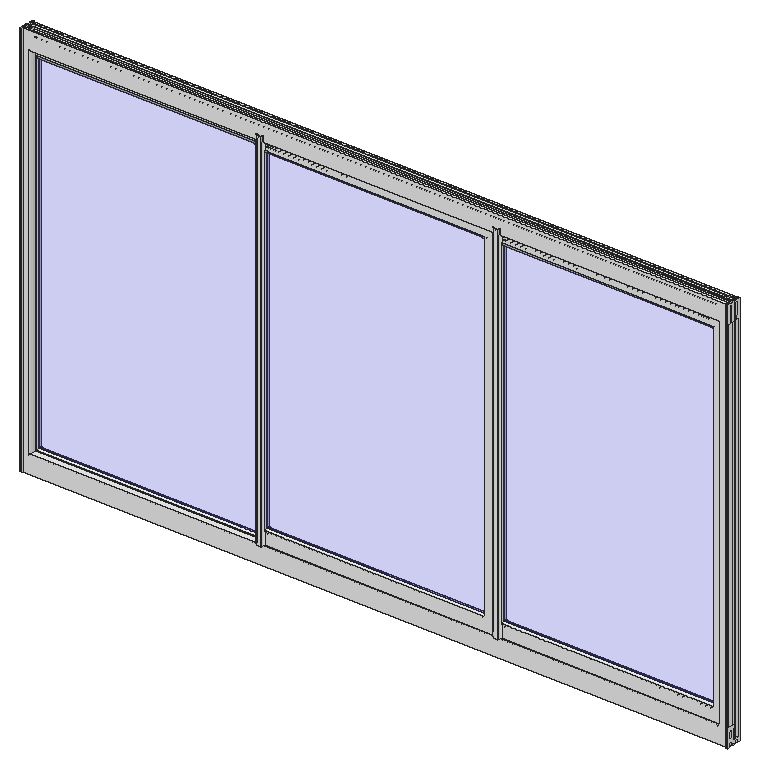
Revit family "DAL_A3-AGI-Sliding-Patio-Door-With-Side-Lights-3560mm", category Doors, host Wall, Revit 2016
Family settings
  Host = Wall
  Always vertical = Yes
  Cut with Voids When Loaded = No
  Shared = No
  Room Calculation Point = No
Parameters (values of type "AGI sliding patio door with side lights 3560mm")
  URL = "http://www.agi.co.za/patioDoor1.htm"
  Panel 2 Width = (Width / 3)  # 1186.667 mm
  Panel 2 Hieght = Height - 89 mm  # 1911 mm
  Panel 1 Width = (Width / 3) - 10 mm  # 1176.667 mm
  Panel 1 Hieght = Height - 154 mm  # 1846 mm
  Manufacturer = "AGI"
  Function = Interior
  Frame material = none
  Frame Projection Ext. = 25 mm
  Frame Projection Int. = 25 mm
  Frame Width = 75 mm
  Height = 2000 mm
  Wall Closure = By host
  Width = 3560 mm
Reference planes
  plane 1 "Centre(Exterior/Interior)": y = 0
  plane 2 "Center (Left/Right)": x = -250
  plane 3 "Left": x = -1436.667
  plane 4 "Right": x = 2123.333
  plane 5 "Top": z = 2000
  plane 6 "Exterior": y = 75
  plane 7 "Interior": y = -75
  plane 8: z = 25
  plane 9 "Panel top": z = 1936.037
  plane 10: x = -1426.667
  plane 11: x = 2113.333
  plane 12: z = 90
  plane 13: x = 936.667
Forms (mm)
  Sweep 1, solid, material <- "Frame material", detail levels medium+fine
    path origin (0, 0, 0) x (1, 0, 0) y (0, 0, 1)
      loop
        line (2123.333, 0) -> (-1436.667, 0)
    profile "AGI SLIDING PATIO Base frame profile : AGI SLIDING PATIO Base frame profile" origin (343.333, 0, 0) x (0, 0, -1) y (0, -1, 0)
      loop
        line (-90, 32.5) -> (-90, -2.5) -> (-73.55, -2.5) -> (-73.55, 2.5) -> (-86, 2.5) -> (-86, 4.847) -> (-23.5, 4.847) -> (-23.5, -1) -> (-12.362, -1) -> (-12.362, 1) -> (-21, 1) -> (-21, 21.5) -> (-33.87, 21.5) -> (-33.87, 19) -> (-23.5, 19) -> (-23.5, 7.347) -> (-86, 7.347) -> (-86, 19) -> (-73.55, 19) -> (-65.757, 26.793) -> (-69.293, 26.793) -> (-74.586, 21.5) -> (-86, 21.5) -> (-86, 32.5) -> (-90, 32.5)
      loop
        line (-2, 22.5) -> (0, 22.5) -> (0, 32.5) -> (-85, 32.5) -> (-85, 22.5) -> (-75, 22.5) -> (-70, 27.5) -> (-20, 27.5) -> (-20, 3.847) -> (-18.194, 3.847)
        arc (-18.194, 3.847) -> (-10, 0) -> (-18.194, -3.847) r 5
        line (-18.194, -3.847) -> (-20, -3.847) -> (-19.131, -17.639) -> (-25, -17.639) -> (-25, -19.673) -> (-19.003, -19.673) -> (-18.352, -30) -> (-2, -30) -> (-2, -32.5) -> (0, -32.5) -> (0, -25) -> (-13.657, -25) -> (-14.603, -9.992)
        arc (-14.603, -9.992) -> (-8.146, -7.281) -> (-5.05, -1) r 10
        line (-5.05, -1) -> (0, -1) -> (0, 1) -> (-5.05, 1)
        arc (-5.05, 1) -> (-8.292, 7.416) -> (-15, 10) r 10
        line (-15, 10) -> (-15, 27.5) -> (-2, 27.5) -> (-2, 22.5)
  Sweep 2, solid, material <- "Frame material", detail levels medium+fine
    path origin (0, 0, 0) x (1, 0, 0) y (0, 0, 1)
      loop
        line (2123.333, 2000) -> (2123.333, 0)
    profile "AGI SLIDING PATIO side frame profile : AGI SLIDING PATIO side frame profile" origin (2123.333, 0, 1000) x (1, 0, 0) y (0, -1, 0)
      loop
        line (-10, -32.5) -> (-10, -37.5) -> (0, -37.5) -> (0, -32.5) -> (-2, -32.5) -> (-2, -35.5) -> (-5, -35.5) -> (-5, -11.015) -> (-2, -11.015) -> (-2, -6.015) -> (-5, -6.015) -> (-5, -2.5) -> (-2, -2.5) -> (-2, 2.5) -> (-5, 2.5) -> (-5, 35.5) -> (-2, 35.5) -> (-2, 32.5) -> (0, 32.5) -> (0, 37.5) -> (-10, 37.5) -> (-10, 32.5) -> (-40, 32.5) -> (-40, 27.5) -> (-10, 27.5) -> (-10, 2) -> (-8, 2) -> (-8, -2) -> (-10, -2) -> (-10, -27.5) -> (-37.71, -27.5) -> (-37.71, -26.5) -> (-11, -26.5) -> (-11, -24.5) -> (-36.319, -24.5)
        arc (-36.319, -24.5) -> (-38.09, -14) -> (-36.319, -3.5) r 32.018
        line (-36.319, -3.5) -> (-30.069, -3.5) -> (-30.069, -1) -> (-9, -1) -> (-9, 1) -> (-40, 1)
        arc (-40, 1) -> (-42.935, -15.75) -> (-40, -32.5) r 49.268
        line (-40, -32.5) -> (-10, -32.5)
  Sweep 3, solid, material <- "Frame material", detail levels medium+fine
    path origin (0, 0, 0) x (1, 0, 0) y (0, 0, 1)
      loop
        line (-1436.667, 2000) -> (2123.333, 2000)
    profile "AGI SLIDING PATIO Top frame profile : AGI SLIDING PATIO Top frame profile" origin (343.333, 0, 2000) x (0, 0, 1) y (0, -1, 0)
      loop
        line (0, 1.5) -> (-5, 1.5) -> (-5, 27.5) -> (-2, 27.5) -> (-2, 22.5) -> (0, 22.5) -> (0, 32.5) -> (-90, 32.5) -> (-90, 22.5) -> (-75, 22.5) -> (-75, 27.5) -> (-10, 27.5) -> (-10, 1.5) -> (-27.652, 1.5)
        arc (-27.652, 1.5) -> (-28.663, 4.011) -> (-30.5, 6) r 7.5
        line (-30.5, 6) -> (-27.08, 6) -> (-27.08, 2.18) -> (-11, 8) -> (-88, 8) -> (-88, 19.5) -> (-11, 19.5) -> (-27.08, 26.5) -> (-27.08, 21.5) -> (-90, 21.5) -> (-90, 6) -> (-39.5, 6)
        arc (-39.5, 6) -> (-41.337, 4.011) -> (-42.348, 1.5) r 7.5
        line (-42.348, 1.5) -> (-75, 1.5) -> (-75, 5) -> (-90, 5) -> (-90, -5) -> (-75, -5) -> (-75, -1.5) -> (-42.348, -1.5)
        arc (-42.348, -1.5) -> (-41.321, -4.036) -> (-39.453, -6.035) r 7.5
        line (-39.453, -6.035) -> (-36.781, -2.414)
        arc (-36.781, -2.414) -> (-35, 3) -> (-33.219, -2.414) r 3
        line (-33.219, -2.414) -> (-30.547, -6.035)
        arc (-30.547, -6.035) -> (-28.679, -4.036) -> (-27.652, -1.5) r 7.5
        line (-27.652, -1.5) -> (-10, -1.5) -> (-10, -27.5) -> (-75, -27.5) -> (-75, -22.5) -> (-90, -22.5) -> (-90, -32.5) -> (0, -32.5) -> (0, -22.5) -> (-2, -22.5) -> (-2, -27.5) -> (-5, -27.5) -> (-5, -1.5) -> (0, -1.5) -> (0, 1.5)
  Sweep 4, solid, material <- "Frame material", detail levels medium+fine
    path origin (0, 0, 0) x (1, 0, 0) y (0, 0, 1)
      loop
        line (-1436.667, 2000) -> (-1436.667, 0)
    profile "AGI SLIDING PATIO side frame profile : AGI SLIDING PATIO side frame profile" origin (-1436.667, 0, 1000) x (1, 0, 0) y (0, -1, 0)
      loop
        line (10, 32.5) -> (10, 37.5) -> (0, 37.5) -> (0, 32.5) -> (2, 32.5) -> (2, 35.5) -> (5, 35.5) -> (5, 11.015) -> (2, 11.015) -> (2, 6.015) -> (5, 6.015) -> (5, 2.5) -> (2, 2.5) -> (2, -2.5) -> (5, -2.5) -> (5, -35.5) -> (2, -35.5) -> (2, -32.5) -> (0, -32.5) -> (0, -37.5) -> (10, -37.5) -> (10, -32.5) -> (40, -32.5) -> (40, -27.5) -> (10, -27.5) -> (10, -2) -> (8, -2) -> (8, 2) -> (10, 2) -> (10, 27.5) -> (37.71, 27.5) -> (37.71, 26.5) -> (11, 26.5) -> (11, 24.5) -> (36.319, 24.5)
        arc (36.319, 24.5) -> (38.09, 14) -> (36.319, 3.5) r 32.018
        line (36.319, 3.5) -> (30.069, 3.5) -> (30.069, 1) -> (9, 1) -> (9, -1) -> (40, -1)
        arc (40, -1) -> (42.935, 15.75) -> (40, 32.5) r 49.268
        line (40, 32.5) -> (10, 32.5)
Cuts and joins
  joined: Sweep 1, Sweep 2, Sweep 3, Sweep 4
Lines and regions (mm)
  Opening 1
    outline origin (-3050, -75, 0) x (1, 0, 0) y (0, 0, 1)
      loop
        line (1613.333, 0) -> (5173.333, 0) -> (5173.333, 2000) -> (1613.333, 2000) -> (1613.333, 0)
  symbolic lines, style "Elevation Swing"
    curve 1: line (206.116, 12.619, 0) -> (101.116, 12.619, 0)
    curve 2: line (101.116, 12.619, 0) -> (115.258, -1.523, 0)
    curve 3: line (101.116, 12.619, 0) -> (115.258, 26.761, 0)
    curve 14: line (1486.116, 12.619, 0) -> (1381.116, 12.619, 0)
    curve 15: line (1381.116, 12.619, 0) -> (1395.258, -1.523, 0)
    curve 16: line (1381.116, 12.619, 0) -> (1395.258, 26.761, 0)
  symbolic lines, style "Overhead line", detail levels coarse
    curve 4: line (-1436.667, 75, 0) -> (2123.333, 75, 0)
    curve 5: line (2123.333, -75, 0) -> (-1436.667, -75, 0)
  symbolic lines, style "DoorsPanelProjection", detail levels coarse
    curve 6: line (-1436.667, 17, 0) -> (-250, 17, 0)
    curve 7: line (298.333, 0, 1013) -> (178.333, 0, 1013)
    curve 8: line (178.333, 0, 1013) -> (192.475, 0, 1027.142)
    curve 9: line (178.333, 0, 1013) -> (192.475, 0, 998.858)
    curve 10: line (1485, 0, 1013) -> (1365, 0, 1013)
    curve 11: line (1365, 0, 1013) -> (1379.142, 0, 1027.142)
    curve 12: line (1365, 0, 1013) -> (1379.142, 0, 998.858)
    curve 13: line (2123.333, -14.5, 0) -> (-250, -14.5, 0)
Text (mm)
  text "Exterior" at (-2295.016, 1099.543, 0), in view "Ref. Level"
  text "Exterior" at (0, 1615.38, 3698.081), in view "Left"
  text "Exterior" at (0, 1036.032, 3874.932), in view "Right"
Dimensions and locks
  equal spacing: plane 3 "Left", plane 2 "Center (Left/Right)", plane 13, plane 4 "Right"
  "Width": plane 3 "Left" to plane 4 "Right"
  "Height": plane 5 "Top" to host wall
  host wall to plane 5 "Top" = 2000 mm  (x2)
  locked: plane 6 "Exterior" to host wall at 0
  locked: plane 7 "Interior" to host wall
  locked: level to plane 8 at 25
  locked: plane 3 "Left" to plane 10 at 10
  locked: plane 11 to plane 4 "Right" at 10
  locked: level to plane 12 at 90
  aligned and locked: plane 3 "Left" to Opening 1 sketch curve
  aligned and locked: plane 5 "Top" to Opening 1 sketch curve  (x2)
  aligned and locked: Opening 1 sketch curve to plane 4 "Right"
  aligned and locked: Opening 1 sketch curve to level
  aligned and locked: plane 1 "Centre(Exterior/Interior)" to host wall
  aligned and locked: level to Sweep 1 sketch curve
  aligned and locked: plane 4 "Right" to Sweep 1 sketch curve
  aligned and locked: plane 3 "Left" to Sweep 1 sketch curve
  aligned and locked: plane 4 "Right" to Sweep 2 sketch curve
  aligned and locked: plane 5 "Top" to Sweep 2 sketch curve
  aligned and locked: level to Sweep 2 sketch curve
  aligned and locked: plane 5 "Top" to Sweep 3 sketch curve
  aligned and locked: plane 4 "Right" to Sweep 3 sketch curve
  aligned and locked: plane 3 "Left" to Sweep 3 sketch curve
  aligned and locked: plane 3 "Left" to Sweep 4 sketch curve
  aligned and locked: plane 5 "Top" to Sweep 4 sketch curve
  aligned and locked: level to Sweep 4 sketch curve
  aligned and locked: nested 1 to plane 8
  aligned and locked: plane 3 "Left" to curve 4
  aligned and locked: plane 4 "Right" to curve 4
  aligned and locked: plane 4 "Right" to curve 5
  aligned and locked: curve 5 to plane 7 "Interior"
  aligned and locked: plane 6 "Exterior" to curve 4
  aligned and locked: plane 2 "Center (Left/Right)" to curve 6
  aligned and locked: plane 3 "Left" to curve 6
  aligned and locked: plane 12 to nested 3
  aligned and locked: plane 13 to nested 3
  aligned and locked: nested 3 to nested 2
  aligned and locked: plane 11 to nested 2
  aligned and locked: nested 1 to plane 10
  aligned and locked: nested 2 to cut or joined group of Sweep 1, Sweep 2, Sweep 3, Sweep 4
  aligned and locked: cut or joined group of Sweep 1, Sweep 2, Sweep 3, Sweep 4 to nested 1
  aligned and locked: plane 2 "Center (Left/Right)" to curve 13
  aligned and locked: plane 4 "Right" to curve 13
  aligned and locked: curve 13 to nested 2
Automatic sketch dimensions
  plane 2 "Center (Left/Right)" to curve 7 = 428.333 mm
  curve 7 to curve 8 = 14.142 mm
  curve 7 to curve 9 = 14.142 mm
  curve 8 to curve 7 = 105.858 mm
  plane 13 to curve 10 = 428.333 mm
  curve 12 to curve 11 = 14.142 mm
  curve 12 to curve 12 = 14.142 mm  (x2)
  curve 11 to curve 10 = 105.858 mm
  curve 9 to plane 12 = 908.858 mm
  curve 12 to curve 9 = 0 mm
  curve 9 to curve 8 = 14.142 mm
  curve 5 to plane 3 "Left" = 0 mm
  curve 1 to host wall = 12.619 mm
  plane 2 "Center (Left/Right)" to curve 1 = 351.116 mm
  curve 3 to host wall = 26.761 mm
  curve 1 to curve 3 = 14.142 mm
  host wall to curve 2 = 1.523 mm
  curve 3 to curve 1 = 90.858 mm
  curve 16 to host wall = 12.619 mm
  plane 13 to curve 16 = 444.449 mm
  host wall to curve 15 = 1.523 mm
  curve 14 to curve 15 = 14.142 mm
  curve 16 to host wall = 26.761 mm
  curve 16 to curve 14 = 90.858 mm
  curve 6 to host wall = 17 mm
Nested families
  nested 1: "AGI sliding patio side i" at (-690.533, 17, 25), type "AGI sliding patio side i", detail levels medium+fine
    with Width 1186.667 mm
  nested 2: "AGI sliding patio side II" at (1667.8, -14.5, 90), type "AGI sliding patio side II", detail levels medium+fine
    with Width 1176.667 mm
  nested 3: "AGI sliding patio side IV" at (481.133, -14.5, 90), type "AGI sliding patio side II", detail levels medium+fine
    with Width 1186.667 mm
Definition of nested family "AGI sliding patio side i"
  Parameters
    Width = 750 mm
    Height = 1911 mm
    Glass = none
    Frame = none
    Assembly Code = ""
  Reference planes
    plane 1 "Center (Front/Back)": y = 0
    plane 2: z = 0
    plane 3 "Center (Left/Right)": x = -142.8
    plane 4 "Right": x = 232.2
    plane 5 "Left": x = -517.8
    plane 6: z = 1911
    plane 7: z = 1846
    plane 8: z = 65
    plane 9 "PANEL": y = 2.5
    plane 10: x = -488.8
    plane 11: x = 203.2
  Forms (mm)
    Sweep 1, solid
      path origin (0, 0, 0) x (1, 0, 0) y (0, 1, 0)
        loop
          line (232.2, 0) -> (-517.8, 0)
      profile "AGI panel top & bottom profile : AGI panel top & bottom profile" origin (-142.8, 0, 0) x (0, -1, 0) y (0, 0, 1)
        loop
          line (13, 0) -> (13, 65)
          arc (13, 65) -> (9.925, 72.425) -> (2.5, 75.5) r 10.5
          line (2.5, 75.5) -> (2.5, 65) -> (5, 65) -> (5, 69.899)
          arc (5, 69.899) -> (7.19, 67.872) -> (8, 65) r 5.5
          line (8, 65) -> (8, 54.802) -> (3.867, 54.802)
          arc (3.867, 54.802) -> (0, 56.632) -> (-3.867, 54.802) r 5
          line (-3.867, 54.802) -> (-8, 54.802) -> (-8, 65)
          arc (-8, 65) -> (-7.19, 67.872) -> (-5, 69.899) r 5.5
          line (-5, 69.899) -> (-5, 65) -> (-2.5, 65) -> (-2.5, 75.5)
          arc (-2.5, 75.5) -> (-9.925, 72.425) -> (-13, 65) r 10.5
          line (-13, 65) -> (-13, 0) -> (-5, 0) -> (-5, 5) -> (-8, 5) -> (-8, 49.802) -> (-4.653, 49.802)
          arc (-4.653, 49.802) -> (-3.789, 48.369) -> (-2.5, 47.302) r 5
          line (-2.5, 47.302) -> (-0.948, 49.319)
          arc (-0.948, 49.319) -> (-0.168, 54.126) -> (1.25, 49.467) r 2.5
          line (1.25, 49.467) -> (2.5, 47.302)
          arc (2.5, 47.302) -> (3.789, 48.369) -> (4.653, 49.802) r 5
          line (4.653, 49.802) -> (8, 49.802) -> (8, 5) -> (5, 5) -> (5, 0) -> (13, 0)
    Sweep 2, solid
      path origin (0, 0, 0) x (1, 0, 0) y (0, 0, 1)
        loop
          line (-517.8, 1911) -> (232.2, 1911)
      profile "AGI panel top & bottom profile : AGI panel top & bottom profile" origin (-142.8, 0, 1911) x (0, 0, 1) y (0, -1, 0)
        loop
          line (0, 13) -> (-65, 13)
          arc (-65, 13) -> (-72.425, 9.925) -> (-75.5, 2.5) r 10.5
          line (-75.5, 2.5) -> (-65, 2.5) -> (-65, 5) -> (-69.899, 5)
          arc (-69.899, 5) -> (-67.872, 7.19) -> (-65, 8) r 5.5
          line (-65, 8) -> (-54.802, 8) -> (-54.802, 3.867)
          arc (-54.802, 3.867) -> (-56.632, 0) -> (-54.802, -3.867) r 5
          line (-54.802, -3.867) -> (-54.802, -8) -> (-65, -8)
          arc (-65, -8) -> (-67.872, -7.19) -> (-69.899, -5) r 5.5
          line (-69.899, -5) -> (-65, -5) -> (-65, -2.5) -> (-75.5, -2.5)
          arc (-75.5, -2.5) -> (-72.425, -9.925) -> (-65, -13) r 10.5
          line (-65, -13) -> (0, -13) -> (0, -5) -> (-5, -5) -> (-5, -8) -> (-49.802, -8) -> (-49.802, -4.653)
          arc (-49.802, -4.653) -> (-48.369, -3.789) -> (-47.302, -2.5) r 5
          line (-47.302, -2.5) -> (-49.319, -0.948)
          arc (-49.319, -0.948) -> (-54.126, -0.168) -> (-49.467, 1.25) r 2.5
          line (-49.467, 1.25) -> (-47.302, 2.5)
          arc (-47.302, 2.5) -> (-48.369, 3.789) -> (-49.802, 4.653) r 5
          line (-49.802, 4.653) -> (-49.802, 8) -> (-5, 8) -> (-5, 5) -> (0, 5) -> (0, 13)
    Sweep 3, solid
      path origin (0, 0, 0) x (1, 0, 0) y (0, 0, 1)
        loop
          line (-517.8, 1911) -> (-517.8, 0)
      profile "AGI panel side profile i : AGI panel side profile i" origin (-517.8, 0, 955.5) x (1, 0, 0) y (0, -1, 0)
        loop
          line (0, 13) -> (0, 8) -> (12, 8) -> (12, -8) -> (0, -8) -> (0, -13) -> (40, -13) -> (40, -8) -> (39, -8) -> (39, -2.5) -> (29, -2.5) -> (29, -5) -> (34, -5) -> (34, -8) -> (17, -8) -> (17, 8) -> (34, 8) -> (34, 5) -> (29, 5) -> (29, 2.5) -> (39, 2.5) -> (39, 8) -> (40, 8) -> (40, 13) -> (0, 13)
    Sweep 4, solid
      path origin (0, 0, 0) x (1, 0, 0) y (0, 0, 1)
        loop
          line (232.2, 1911) -> (232.2, 0)
      profile "AGI panel side profile st : AGI panel side profile st" origin (232.2, 0, 955.5) x (1, 0, 0) y (0, -1, 0)
        loop
          line (0.808, 8) -> (-13.241, 8) -> (-12, 6.759) -> (-12, -8) -> (-1.155, -8)
          arc (-1.155, -8) -> (1.377, -0.19) -> (0.808, 8) r 21.581
        loop
          arc (1.595, -13) -> (6.537, 2.438) -> (1.595, 17.875) r 26.581
          line (1.595, 17.875) -> (-12, 17.875) -> (0, 15) -> (0, 13) -> (-40, 13) -> (-40, 8) -> (-39, 8) -> (-39, 2.5) -> (-29, 2.5) -> (-29, 5) -> (-34, 5) -> (-34, 8) -> (-20, 8) -> (-17, 5) -> (-17, -8) -> (-34, -8) -> (-34, -5) -> (-29, -5) -> (-29, -2.5) -> (-39, -2.5) -> (-39, -8) -> (-40, -8) -> (-40, -13) -> (1.595, -13)
    Extrusion 5, solid, material <- "Glass"
      sketch origin (0, 2.5, 0) x (1, 0, 0) y (0, 0, 1)
        loop
          line (-488.8, 65) -> (203.2, 65) -> (203.2, 1846) -> (-488.8, 1846) -> (-488.8, 65)
      from 0 to 5
  Cuts and joins
    joined: Sweep 1, Sweep 2, Sweep 3, Sweep 4
  Dimensions and locks
    equal spacing: plane 5 "Left", plane 3 "Center (Left/Right)", plane 4 "Right"
    "Width": plane 5 "Left" to plane 4 "Right"
    "Height": plane 6 to plane 2
    locked: level to plane 8 at 65
    locked: plane 7 to plane 6 at 65
    locked: plane 5 "Left" to plane 10 at 29
    locked: plane 11 to plane 4 "Right" at 29
    aligned and locked: level to plane 2
    aligned and locked: Sweep 1 sketch curve to plane 1 "Center (Front/Back)"
    aligned and locked: plane 5 "Left" to Sweep 1 sketch curve
    aligned and locked: plane 4 "Right" to Sweep 1 sketch curve
    aligned and locked: Sweep 2 sketch curve to plane 6
    aligned and locked: plane 5 "Left" to Sweep 2 sketch curve
    aligned and locked: plane 4 "Right" to Sweep 2 sketch curve
    aligned and locked: Sweep 3 sketch curve to plane 5 "Left"
    aligned and locked: plane 6 to Sweep 3 sketch curve
    aligned and locked: plane 2 to Sweep 3 sketch curve
    aligned and locked: Sweep 4 sketch curve to plane 4 "Right"
    aligned and locked: plane 6 to Sweep 4 sketch curve
    aligned and locked: plane 2 to Sweep 4 sketch curve
    aligned and locked: Extrusion 5 sketch curve to plane 10
    aligned and locked: Extrusion 5 sketch curve to plane 7
    aligned and locked: Extrusion 5 sketch curve to plane 8
    aligned and locked: Extrusion 5 sketch curve to plane 11
Definition of nested family "AGI sliding patio side II"
  Parameters
    Width = 500 mm
    Height = 1846 mm
    Glass = none
    Frame = none
    Assembly Code = ""
  Reference planes
    plane 1 "Center (Front/Back)": y = 0
    plane 2: z = 0
    plane 3 "Center (Left/Right)": x = -142.8
    plane 4 "Right": x = 107.2
    plane 5 "Left": x = -392.8
    plane 6: z = 1846
    plane 7: z = 1781
    plane 8: z = 65
    plane 9 "PANEL": y = 2.5
    plane 10: x = -363.8
    plane 11: x = 53.2
  Forms (mm)
    Sweep 1, solid
      path origin (0, 0, 0) x (1, 0, 0) y (0, 1, 0)
        loop
          line (107.2, 0) -> (-392.8, 0)
      profile "AGI panel top & bottom profile : AGI panel top & bottom profile" origin (-142.8, 0, 0) x (0, -1, 0) y (0, 0, 1)
        loop
          line (13, 0) -> (13, 65)
          arc (13, 65) -> (9.925, 72.425) -> (2.5, 75.5) r 10.5
          line (2.5, 75.5) -> (2.5, 65) -> (5, 65) -> (5, 69.899)
          arc (5, 69.899) -> (7.19, 67.872) -> (8, 65) r 5.5
          line (8, 65) -> (8, 54.802) -> (3.867, 54.802)
          arc (3.867, 54.802) -> (0, 56.632) -> (-3.867, 54.802) r 5
          line (-3.867, 54.802) -> (-8, 54.802) -> (-8, 65)
          arc (-8, 65) -> (-7.19, 67.872) -> (-5, 69.899) r 5.5
          line (-5, 69.899) -> (-5, 65) -> (-2.5, 65) -> (-2.5, 75.5)
          arc (-2.5, 75.5) -> (-9.925, 72.425) -> (-13, 65) r 10.5
          line (-13, 65) -> (-13, 0) -> (-5, 0) -> (-5, 5) -> (-8, 5) -> (-8, 49.802) -> (-4.653, 49.802)
          arc (-4.653, 49.802) -> (-3.789, 48.369) -> (-2.5, 47.302) r 5
          line (-2.5, 47.302) -> (-0.948, 49.319)
          arc (-0.948, 49.319) -> (-0.168, 54.126) -> (1.25, 49.467) r 2.5
          line (1.25, 49.467) -> (2.5, 47.302)
          arc (2.5, 47.302) -> (3.789, 48.369) -> (4.653, 49.802) r 5
          line (4.653, 49.802) -> (8, 49.802) -> (8, 5) -> (5, 5) -> (5, 0) -> (13, 0)
    Sweep 2, solid
      path origin (0, 0, 0) x (1, 0, 0) y (0, 0, 1)
        loop
          line (-392.8, 1846) -> (107.2, 1846)
      profile "AGI panel top & bottom profile : AGI panel top & bottom profile" origin (-142.8, 0, 1846) x (0, 0, 1) y (0, -1, 0)
        loop
          line (0, 13) -> (-65, 13)
          arc (-65, 13) -> (-72.425, 9.925) -> (-75.5, 2.5) r 10.5
          line (-75.5, 2.5) -> (-65, 2.5) -> (-65, 5) -> (-69.899, 5)
          arc (-69.899, 5) -> (-67.872, 7.19) -> (-65, 8) r 5.5
          line (-65, 8) -> (-54.802, 8) -> (-54.802, 3.867)
          arc (-54.802, 3.867) -> (-56.632, 0) -> (-54.802, -3.867) r 5
          line (-54.802, -3.867) -> (-54.802, -8) -> (-65, -8)
          arc (-65, -8) -> (-67.872, -7.19) -> (-69.899, -5) r 5.5
          line (-69.899, -5) -> (-65, -5) -> (-65, -2.5) -> (-75.5, -2.5)
          arc (-75.5, -2.5) -> (-72.425, -9.925) -> (-65, -13) r 10.5
          line (-65, -13) -> (0, -13) -> (0, -5) -> (-5, -5) -> (-5, -8) -> (-49.802, -8) -> (-49.802, -4.653)
          arc (-49.802, -4.653) -> (-48.369, -3.789) -> (-47.302, -2.5) r 5
          line (-47.302, -2.5) -> (-49.319, -0.948)
          arc (-49.319, -0.948) -> (-54.126, -0.168) -> (-49.467, 1.25) r 2.5
          line (-49.467, 1.25) -> (-47.302, 2.5)
          arc (-47.302, 2.5) -> (-48.369, 3.789) -> (-49.802, 4.653) r 5
          line (-49.802, 4.653) -> (-49.802, 8) -> (-5, 8) -> (-5, 5) -> (0, 5) -> (0, 13)
    Extrusion 3, solid, material <- "Glass"
      sketch origin (0, 2.5, 0) x (1, 0, 0) y (0, 0, 1)
        loop
          line (-363.8, 65) -> (53.2, 65) -> (53.2, 1781) -> (-363.8, 1781) -> (-363.8, 65)
      from 0 to 5
    Sweep 4, solid
      path origin (0, 2.5, 0) x (1, 0, 0) y (0, 0, 1)
        loop
          line (-392.8, 1846) -> (-392.8, 0)
      profile "AGI panel side profile outside : AGI panel side profile outside" origin (-392.8, 2.5, 923) x (1, 0, 0) y (0, -1, 0)
        loop
          line (5.005, -5.5) -> (14.841, -5.5) -> (13.6, -4.259) -> (13.6, 10.5) -> (5.005, 10.5) -> (5.005, -5.5)
        loop
          line (0.005, -10.5) -> (41.6, -10.5) -> (41.6, -5.5) -> (40.6, -5.5) -> (40.6, 0) -> (30.6, 0) -> (30.6, -2.5) -> (35.6, -2.5) -> (35.6, -5.5) -> (21.6, -5.5) -> (18.6, -2.5) -> (18.6, 10.5) -> (35.6, 10.5) -> (35.6, 7.5) -> (30.6, 7.5) -> (30.6, 5) -> (40.6, 5) -> (40.6, 10.5) -> (41.6, 10.5) -> (41.6, 15.5)
          arc (41.6, 15.5) -> (36.124, 20.153) -> (36.892, 27.297) r 7.681
          arc (36.892, 27.297) -> (37.161, 30.042) -> (35.01, 31.769) r 2.898
          arc (35.01, 31.769) -> (14.921, 29.201) -> (0.005, 15.5) r 33.416
          line (0.005, 15.5) -> (0.005, -10.5)
        loop
          line (5.982, 15.5) -> (38.886, 15.5)
          arc (38.886, 15.5) -> (34.795, 21.066) -> (36.063, 27.857) r 8.681
          arc (36.063, 27.857) -> (36.257, 29.614) -> (34.919, 30.769) r 1.899
          arc (34.919, 30.769) -> (17.97, 29.377) -> (4.058, 19.596) r 32.416
          arc (4.058, 19.596) -> (3.719, 16.937) -> (5.982, 15.5) r 2.5
    Sweep 5, solid
      path origin (0, 2.5, 0) x (1, 0, 0) y (0, 0, 1)
        loop
          line (107.2, 1846) -> (107.2, 0)
      profile "AGI panel side profile lng : AGI panel side profile lng" origin (107.2, 2.5, 923) x (1, 0, 0) y (0, -1, 0)
        loop
          line (-16.155, 10.5) -> (-37, 10.5) -> (-37, -5.5) -> (-16.155, -5.5) -> (-16.155, 10.5)
        loop
          line (0, -10.5) -> (0, -2.5) -> (-5, -2.5) -> (-5, -5.5) -> (-11.155, -5.5) -> (-11.155, 10.5) -> (-5, 10.5) -> (-5, 7.5) -> (0, 7.5) -> (0, 15.5) -> (-65, 15.5) -> (-65, 10.5) -> (-64, 10.5) -> (-64, 5) -> (-54, 5) -> (-54, 7.5) -> (-59, 7.5) -> (-59, 10.5) -> (-42, 10.5) -> (-42, -5.5) -> (-59, -5.5) -> (-59, -2.5) -> (-54, -2.5) -> (-54, 0) -> (-64, 0) -> (-64, -5.5) -> (-65, -5.5) -> (-65, -10.5) -> (0, -10.5)
  Cuts and joins
    joined: Sweep 1, Sweep 2, Sweep 4, Sweep 5
  Dimensions and locks
    equal spacing: plane 5 "Left", plane 3 "Center (Left/Right)", plane 4 "Right"
    "Width": plane 5 "Left" to plane 4 "Right"
    "Height": plane 6 to plane 2
    locked: level to plane 8 at 65
    locked: plane 7 to plane 6 at 65
    locked: plane 5 "Left" to plane 10 at 29
    locked: plane 11 to plane 4 "Right" at 54
    aligned and locked: level to plane 2
    aligned and locked: Sweep 1 sketch curve to plane 1 "Center (Front/Back)"
    aligned and locked: plane 5 "Left" to Sweep 1 sketch curve
    aligned and locked: plane 4 "Right" to Sweep 1 sketch curve
    aligned and locked: Sweep 2 sketch curve to plane 6
    aligned and locked: plane 5 "Left" to Sweep 2 sketch curve
    aligned and locked: plane 4 "Right" to Sweep 2 sketch curve
    aligned and locked: Extrusion 3 sketch curve to plane 10
    aligned and locked: Extrusion 3 sketch curve to plane 7
    aligned and locked: Extrusion 3 sketch curve to plane 8
    aligned and locked: Extrusion 3 sketch curve to plane 11
    aligned and locked: Sweep 4 sketch curve to plane 5 "Left"
    aligned and locked: plane 6 to Sweep 4 sketch curve
    aligned and locked: plane 2 to Sweep 4 sketch curve
    aligned and locked: Sweep 5 sketch curve to plane 4 "Right"
    aligned and locked: plane 6 to Sweep 5 sketch curve
    aligned and locked: plane 2 to Sweep 5 sketch curve
  Automatic sketch dimensions
    Sweep 4 sketch curve to level = 0 mm
Definition of nested family "AGI sliding patio side IV"
  Parameters
    Width = 500 mm
    Height = 1846 mm
    Glass = none
    Frame = none
    Assembly Code = ""
  Reference planes
    plane 1 "Center (Front/Back)": y = 0
    plane 2: z = 0
    plane 3 "Center (Left/Right)": x = -142.8
    plane 4 "Right": x = 107.2
    plane 5 "Left": x = -392.8
    plane 6: z = 1846
    plane 7: z = 1781
    plane 8: z = 65
    plane 9 "PANEL": y = 2.5
    plane 10: x = -363.8
    plane 11: x = 78.2
  Forms (mm)
    Sweep 1, solid
      path origin (0, 0, 0) x (1, 0, 0) y (0, 1, 0)
        loop
          line (107.2, 0) -> (-392.8, 0)
      profile "AGI panel top & bottom profile : AGI panel top & bottom profile" origin (-142.8, 0, 0) x (0, -1, 0) y (0, 0, 1)
        loop
          line (13, 0) -> (13, 65)
          arc (13, 65) -> (9.925, 72.425) -> (2.5, 75.5) r 10.5
          line (2.5, 75.5) -> (2.5, 65) -> (5, 65) -> (5, 69.899)
          arc (5, 69.899) -> (7.19, 67.872) -> (8, 65) r 5.5
          line (8, 65) -> (8, 54.802) -> (3.867, 54.802)
          arc (3.867, 54.802) -> (0, 56.632) -> (-3.867, 54.802) r 5
          line (-3.867, 54.802) -> (-8, 54.802) -> (-8, 65)
          arc (-8, 65) -> (-7.19, 67.872) -> (-5, 69.899) r 5.5
          line (-5, 69.899) -> (-5, 65) -> (-2.5, 65) -> (-2.5, 75.5)
          arc (-2.5, 75.5) -> (-9.925, 72.425) -> (-13, 65) r 10.5
          line (-13, 65) -> (-13, 0) -> (-5, 0) -> (-5, 5) -> (-8, 5) -> (-8, 49.802) -> (-4.653, 49.802)
          arc (-4.653, 49.802) -> (-3.789, 48.369) -> (-2.5, 47.302) r 5
          line (-2.5, 47.302) -> (-0.948, 49.319)
          arc (-0.948, 49.319) -> (-0.168, 54.126) -> (1.25, 49.467) r 2.5
          line (1.25, 49.467) -> (2.5, 47.302)
          arc (2.5, 47.302) -> (3.789, 48.369) -> (4.653, 49.802) r 5
          line (4.653, 49.802) -> (8, 49.802) -> (8, 5) -> (5, 5) -> (5, 0) -> (13, 0)
    Sweep 2, solid
      path origin (0, 0, 0) x (1, 0, 0) y (0, 0, 1)
        loop
          line (-392.8, 1846) -> (107.2, 1846)
      profile "AGI panel top & bottom profile : AGI panel top & bottom profile" origin (-142.8, 0, 1846) x (0, 0, 1) y (0, -1, 0)
        loop
          line (0, 13) -> (-65, 13)
          arc (-65, 13) -> (-72.425, 9.925) -> (-75.5, 2.5) r 10.5
          line (-75.5, 2.5) -> (-65, 2.5) -> (-65, 5) -> (-69.899, 5)
          arc (-69.899, 5) -> (-67.872, 7.19) -> (-65, 8) r 5.5
          line (-65, 8) -> (-54.802, 8) -> (-54.802, 3.867)
          arc (-54.802, 3.867) -> (-56.632, 0) -> (-54.802, -3.867) r 5
          line (-54.802, -3.867) -> (-54.802, -8) -> (-65, -8)
          arc (-65, -8) -> (-67.872, -7.19) -> (-69.899, -5) r 5.5
          line (-69.899, -5) -> (-65, -5) -> (-65, -2.5) -> (-75.5, -2.5)
          arc (-75.5, -2.5) -> (-72.425, -9.925) -> (-65, -13) r 10.5
          line (-65, -13) -> (0, -13) -> (0, -5) -> (-5, -5) -> (-5, -8) -> (-49.802, -8) -> (-49.802, -4.653)
          arc (-49.802, -4.653) -> (-48.369, -3.789) -> (-47.302, -2.5) r 5
          line (-47.302, -2.5) -> (-49.319, -0.948)
          arc (-49.319, -0.948) -> (-54.126, -0.168) -> (-49.467, 1.25) r 2.5
          line (-49.467, 1.25) -> (-47.302, 2.5)
          arc (-47.302, 2.5) -> (-48.369, 3.789) -> (-49.802, 4.653) r 5
          line (-49.802, 4.653) -> (-49.802, 8) -> (-5, 8) -> (-5, 5) -> (0, 5) -> (0, 13)
    Extrusion 3, solid, material <- "Glass"
      sketch origin (0, 2.5, 0) x (1, 0, 0) y (0, 0, 1)
        loop
          line (-363.8, 65) -> (78.2, 65) -> (78.2, 1781) -> (-363.8, 1781) -> (-363.8, 65)
      from 0 to 5
    Sweep 4, solid
      path origin (0, 2.5, 0) x (1, 0, 0) y (0, 0, 1)
        loop
          line (-392.8, 1846) -> (-392.8, 0)
      profile "AGI panel side profile outside : AGI panel side profile outside" origin (-392.8, 2.5, 923) x (1, 0, 0) y (0, -1, 0)
        loop
          line (-0.808, -5.5) -> (13.241, -5.5) -> (12, -4.259) -> (12, 10.5) -> (1.155, 10.5)
          arc (1.155, 10.5) -> (-1.377, 2.69) -> (-0.808, -5.5) r 21.581
        loop
          line (0, -10.5) -> (40, -10.5) -> (40, -5.5) -> (39, -5.5) -> (39, 0) -> (29, 0) -> (29, -2.5) -> (34, -2.5) -> (34, -5.5) -> (20, -5.5) -> (17, -2.5) -> (17, 10.5) -> (34, 10.5) -> (34, 7.5) -> (29, 7.5) -> (29, 5) -> (39, 5) -> (39, 10.5) -> (40, 10.5) -> (40, 15.5)
          arc (40, 15.5) -> (34.524, 20.153) -> (35.292, 27.297) r 7.681
          arc (35.292, 27.297) -> (35.561, 30.042) -> (33.41, 31.769) r 2.898
          arc (33.41, 31.769) -> (13.321, 29.201) -> (-1.595, 15.5) r 33.416
          arc (-1.595, 15.5) -> (-6.537, 0.062) -> (-1.595, -15.375) r 26.581
          line (-1.595, -15.375) -> (12, -15.375) -> (0, -12.5) -> (0, -10.5)
        loop
          line (-0.437, 15.5) -> (37.286, 15.5)
          arc (37.286, 15.5) -> (33.195, 21.066) -> (34.463, 27.857) r 8.681
          arc (34.463, 27.857) -> (34.657, 29.614) -> (33.319, 30.769) r 1.899
          arc (33.319, 30.769) -> (14.045, 28.432) -> (-0.437, 15.5) r 32.416
    Sweep 5, solid
      path origin (0, 0, 0) x (1, 0, 0) y (0, 0, 1)
        loop
          line (107.2, 1846) -> (107.2, 0)
      profile "AGI panel side profile II : AGI panel side profile II" origin (107.2, 0, 923) x (1, 0, 0) y (0, -1, 0)
        loop
          line (0, -8) -> (0, 8) -> (-12, 8) -> (-12, -8) -> (0, -8)
        loop
          line (2.502, 13) -> (-40, 13) -> (-40, 8) -> (-39, 8) -> (-39, 2.5) -> (-29, 2.5) -> (-29, 5) -> (-34, 5) -> (-34, 8) -> (-17, 8) -> (-17, -8) -> (-34, -8) -> (-34, -5) -> (-29, -5) -> (-29, -2.5) -> (-39, -2.5) -> (-39, -8) -> (-40, -8) -> (-40, -13) -> (2.5, -13)
          arc (2.5, -13) -> (4.268, -12.268) -> (5, -10.5) r 2.5
          line (5, -10.5) -> (5, 10.502)
          arc (5, 10.502) -> (4.268, 12.268) -> (2.502, 13) r 2.498
  Cuts and joins
    joined: Sweep 1, Sweep 2, Sweep 4, Sweep 5
  Dimensions and locks
    equal spacing: plane 5 "Left", plane 3 "Center (Left/Right)", plane 4 "Right"
    "Width": plane 5 "Left" to plane 4 "Right"
    "Height": plane 6 to plane 2
    locked: level to plane 8 at 65
    locked: plane 7 to plane 6 at 65
    locked: plane 5 "Left" to plane 10 at 29
    locked: plane 11 to plane 4 "Right" at 29
    aligned and locked: level to plane 2
    aligned and locked: Sweep 1 sketch curve to plane 1 "Center (Front/Back)"
    aligned and locked: plane 5 "Left" to Sweep 1 sketch curve
    aligned and locked: plane 4 "Right" to Sweep 1 sketch curve
    aligned and locked: Sweep 2 sketch curve to plane 6
    aligned and locked: plane 5 "Left" to Sweep 2 sketch curve
    aligned and locked: plane 4 "Right" to Sweep 2 sketch curve
    aligned and locked: Extrusion 3 sketch curve to plane 10
    aligned and locked: Extrusion 3 sketch curve to plane 7
    aligned and locked: Extrusion 3 sketch curve to plane 8
    aligned and locked: Extrusion 3 sketch curve to plane 11
    aligned and locked: Sweep 4 sketch curve to plane 5 "Left"
    aligned and locked: plane 6 to Sweep 4 sketch curve
    aligned and locked: plane 2 to Sweep 4 sketch curve
    aligned and locked: plane 6 to Sweep 5 sketch curve
    aligned and locked: plane 2 to Sweep 5 sketch curve
  Automatic sketch dimensions
    Sweep 4 sketch curve to level = 0 mm
    Sweep 5 sketch curve to plane 4 "Right" = 0 mm
